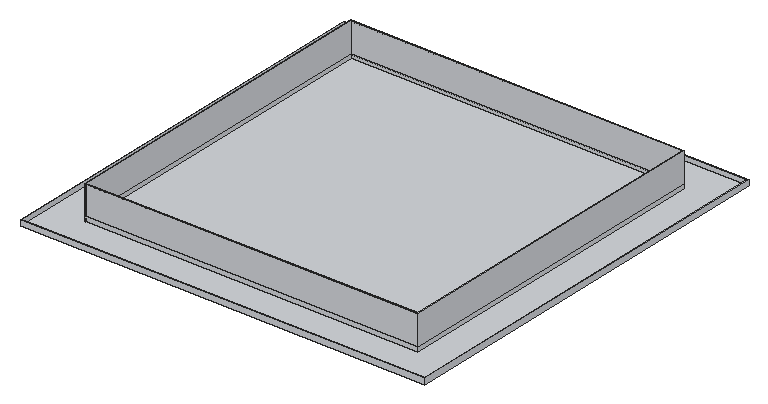
Revit family
Parameters
  URL = "http://www.anemostat.com"
  Overall Width = Duct Width User Defined + 1 13/16"  # 13 13/16"
  Overall Height = Duct Height User Defined + 1 13/16"  # 13 13/16"
  Opposed Blade Damper = no
  Opening Width = Duct Width User Defined - 11/16"  # 11 5/16"
  Opening Height = Duct Height User Defined - 11/16"  # 11 5/16"
  Model = "Model 30 Return Grille"
  Manufacturer = "Anemostat"
  Duct Width User Defined = 12"
  Duct Height User Defined = 12"
  Description = "For Ceiling Applications"
  Back of Grille = if(Opposed Blade Damper, 3 1/4", 1")  # 1"
Reference planes (in)
  plane 1 "Center (Front/Back)": y = 0
  plane 2: z = 0
  plane 3 "Center (Left/Right)": x = 0
  plane 4: x = -6.90625
  plane 5: x = 6.90625
  plane 6: y = 6.90625
  plane 7: y = -6.90625
  plane 8: z = 1
  plane 9 "Grille Face": z = -0.1875
  plane 10: z = 0.531
Forms (in)
  Sweep 1, solid
    path origin (0, 0, 0) x (1, 0, 0) y (0, 1, 0)
      loop
        line (-6.90625, 6.90625) -> (-6.90625, -6.90625) -> (6.90625, -6.90625) -> (6.90625, 6.90625) -> (-6.90625, 6.90625)
    profile origin (0, 6.90625, 0) x (0, 1, 0) y (0, 0, 1)
      loop
        line (0, 0) -> (-0.031, 0) -> (-0.031, -0.1565) -> (-1.219, -0.1565) -> (-1.219, 0) -> (-1.25, 0) -> (-1.25, -0.1875) -> (0, -0.1875) -> (0, 0)
  Extrusion 2, solid
    sketch origin (0, 0, 0) x (1, 0, 0) y (0, 1, 0)
      loop
        line (-5.68725, 5.68725) -> (-5.68725, -5.68725) -> (5.68725, -5.68725) -> (5.68725, 5.68725) -> (-5.68725, 5.68725)
      loop
        line (-5.65625, 5.65625) -> (-5.65625, -5.65625) -> (5.65625, -5.65625) -> (5.65625, 5.65625) -> (-5.65625, 5.65625)
    from 0 to 1 <- "Back of Grille"
  Extrusion 3, solid
    sketch origin (0, 0, -0.1875) x (-1, 0, 0) y (0, -1, 0)
      loop
        line (5.65625, -5.65625) -> (5.65625, 5.65625) -> (-5.65625, 5.65625) -> (-5.65625, -5.65625) -> (5.65625, -5.65625)
    from 0 to 0.0625
Dimensions and locks (in)
  equal spacing: plane 4, plane 3 "Center (Left/Right)", plane 5
  "Overall Width": plane 4 to plane 5
  equal spacing: plane 6, plane 1 "Center (Front/Back)", plane 7
  "Overall Height": plane 6 to plane 7
  "Back of Grille": plane 8 to level
Automatic sketch dimensions
  Sweep 1 sketch curve to plane 4 = 0"
  Sweep 1 sketch curve to plane 5 = 0"
  Sweep 1 sketch curve to plane 7 = 0"
  Sweep 1 sketch curve to plane 6 = 0"
  Sweep 1 sketch curve to level = 0"  (x2)
  Sweep 1 sketch curve to profile plane = 0"
  profile plane to Sweep 1 sketch curve = 0.031"
  Sweep 1 sketch curve to Sweep 1 sketch curve = 1.188"
  Sweep 1 sketch curve to Sweep 1 sketch curve = 0.031"  (x2)
  Sweep 1 sketch curve to level = 0.1565"
  plane 4 to Extrusion 2 sketch curve = 1.219"
  Extrusion 2 sketch curve to Extrusion 2 sketch curve = 0.031"  (x4)
  Extrusion 2 sketch curve to plane 5 = 1 1/4"
  plane 7 to Extrusion 2 sketch curve = 1.219"
  Extrusion 2 sketch curve to plane 6 = 1 1/4"
  Extrusion 3 sketch curve to plane 5 = 1 1/4"
  plane 4 to Extrusion 3 sketch curve = 1 1/4"
  Extrusion 3 sketch curve to plane 6 = 1 1/4"
  plane 7 to Extrusion 3 sketch curve = 1 1/4"
Connectors (in)
  hvac at (0, 0, 1), driven by "Duct Width User Defined", driven by "Duct Height User Defined"
    settings: on Extrusion 2, index 1
